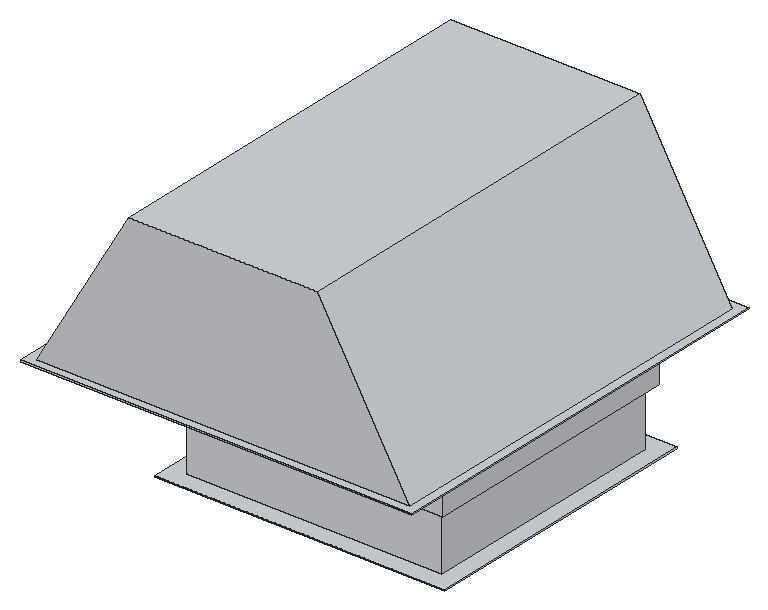
Revit family "HLC-D", category Mechanical Equipment, Revit 2019
Family settings
  Round Connector Dimension = Use Diameter
  Part Type = Normal
  Work Plane-Based = No
  Always vertical = Yes
  Cut with Voids When Loaded = No
  Shared = No
  Room Calculation Point = No
Parameters (values of type "180_HLC-D")
  Unit Weight [instance] = ""
  T_SQ/2 = T_SQ / 2  # 1' - 3"
  T_SQ = 2' - 6"
  Sones [instance] = ""
  R_O/2 = R_O / 2  # 1' - 0 3/4"
  Motor RPM [instance] = ""
  Motor Enclosure [instance] = ""
  ModelID [instance] = ""
  LwA [instance] = ""
  R_O = T_SQ - 0' 4 1/2"  # 2' - 1 1/2"
  G = 0' - 3"
  Fan RPM [instance] = ""
  D/2 = D / 2  # 1' - 11 9/16"
  D-2 = -D + 0' 1"  # -3' - 10 1/8"
  D = 3' - 11 1/8"
  CURB_HEIGHT [instance] = 0' - 9 1/2"
  CURB [instance] = yes
  C/2 = C / 2  # 1' - 9 15/16"
  C-2 = C - 0' 2"  # 3' - 5 7/8"
  C = 3' - 7 7/8"
  Brake Hp [instance] = ""
  BASE_OD = T_SQ + 0' 0 1/4"  # 2' - 6 1/4"
  BASE/2 = BASE_OD / 2  # 1' - 3 1/8"
  B/2 = B / 2  # 0' - 4 1/8"
  B-C = B - C  # -2' - 11 5/8"
  B = 0' - 8 1/4"
  Accessories [instance] = ""
  A/2 = A / 2  # 1' - 1 1/8"
  A = 2' - 2 1/4"
  4" = 0' - 4"  # constant formula
  2' = 2' - 0"
  2" = 0' - 2"  # constant formula
  120 = 120.00°
  1" = 0' - 1"  # constant formula
  0 = 0' - 0"  # constant formula
  Voltage [instance] = 0 V
  URL = "www.lorencook.com"
  Type Comments = "Hooded Low-Contour Downblast Centrifugal Exhaust Ventilator Roof Mounted/Belt Drive"  # constant formula
  Static Pressure [instance] = 0.00 in-wg
  Power [instance] = Voltage * Motor FLA * sqrt(if(Phase = 3, 3, 1))  # 0 VA
  Phase [instance] = 0
  Number of Poles [instance] = 1
  Motor Hp [instance] = "0"
  Motor FLA [instance] = 0 A
  Model = "HLC-B"  # constant formula
  Manufacturer = "Loren Cook Company"
  CFM [instance] = 0 CFM
  1.5 = 0' - 1 1/2"  # constant formula
  ONE EIGTH = 0' - 0 1/8"  # constant formula
  -(C/2) = -(C / 2)  # -1' - 9 15/16"
  -(A/2) = -(A / 2)  # -1' - 1 1/8"
Types (9): name | T_SQ/2 | T_SQ | R_O/2 | R_O | G | D/2 | D-2 | D | C/2 | C-2 | C | BASE_OD | BASE/2 | B/2 | B-C | B | A/2 | A | -(C/2) | -(A/2)
  (no name) | 1' - 3" | 2' - 6" | 1' - 0 3/4" | 2' - 1 1/2" | 0' - 3" | 1' - 11 9/16" | -3' - 10 1/8" | 3' - 11 1/8" | 1' - 9 15/16" | 3' - 5 7/8" | 3' - 7 7/8" | 2' - 6 1/4" | 1' - 3 1/8" | 0' - 4 1/8" | -2' - 11 5/8" | 0' - 8 1/4" | 1' - 1 1/8" | 2' - 2 1/4" | -1' - 9 15/16" | -1' - 1 1/8"
  100_HLC-D | 0' - 9" | 1' - 6" | 0' - 6 3/4" | 1' - 1 1/2" | 0' - 2" | 1' - 5 1/16" | -2' - 9 1/8" | 2' - 10 1/8" | 1' - 3 5/8" | 2' - 5 1/4" | 2' - 7 1/4" | 1' - 6 1/4" | 0' - 9 1/8" | 0' - 2 3/8" | -2' - 2 1/2" | 0' - 4 3/4" | 0' - 8 1/2" | 1' - 5" | -1' - 3 5/8" | -0' - 8 1/2"
  120_HLC-D | 0' - 10" | 1' - 8" | 0' - 7 3/4" | 1' - 3 1/2" | 0' - 2" | 1' - 5 9/16" | -2' - 10 1/8" | 2' - 11 1/8" | 1' - 5 3/8" | 2' - 8 3/4" | 2' - 10 3/4" | 1' - 8 1/4" | 0' - 10 1/8" | 0' - 2 15/16" | -2' - 4 7/8" | 0' - 5 7/8" | 0' - 9 13/16" | 1' - 7 5/8" | -1' - 5 3/8" | -0' - 9 13/16"
  135_HLC-D | 0' - 10" | 1' - 8" | 0' - 7 3/4" | 1' - 3 1/2" | 0' - 2" | 1' - 5 9/16" | -2' - 10 1/8" | 2' - 11 1/8" | 1' - 5 3/8" | 2' - 8 3/4" | 2' - 10 3/4" | 1' - 8 1/4" | 0' - 10 1/8" | 0' - 3 1/16" | -2' - 4 5/8" | 0' - 6 1/8" | 0' - 9 15/16" | 1' - 7 7/8" | -1' - 5 3/8" | -0' - 9 15/16"
  150_HLC-D | 1' - 0" | 2' - 0" | 0' - 9 3/4" | 1' - 7 1/2" | 0' - 2" | 1' - 9 1/16" | -3' - 5 1/8" | 3' - 6 1/8" | 1' - 8 1/16" | 3' - 2 1/8" | 3' - 4 1/8" | 2' - 0 1/4" | 1' - 0 1/8" | 0' - 3 5/8" | -2' - 8 7/8" | 0' - 7 1/4" | 0' - 10 5/8" | 1' - 9 1/4" | -1' - 8 1/16" | -0' - 10 5/8"
  165_HLC-D | 1' - 0" | 2' - 0" | 0' - 9 3/4" | 1' - 7 1/2" | 0' - 2" | 1' - 9 1/16" | -3' - 5 1/8" | 3' - 6 1/8" | 1' - 8 1/16" | 3' - 2 1/8" | 3' - 4 1/8" | 2' - 0 1/4" | 1' - 0 1/8" | 0' - 3 11/16" | -2' - 8 3/4" | 0' - 7 3/8" | 0' - 10 11/16" | 1' - 9 3/8" | -1' - 8 1/16" | -0' - 10 11/16"
  180_HLC-D | 1' - 3" | 2' - 6" | 1' - 0 3/4" | 2' - 1 1/2" | 0' - 3" | 1' - 11 9/16" | -3' - 10 1/8" | 3' - 11 1/8" | 1' - 9 15/16" | 3' - 5 7/8" | 3' - 7 7/8" | 2' - 6 1/4" | 1' - 3 1/8" | 0' - 4 1/8" | -2' - 11 5/8" | 0' - 8 1/4" | 1' - 1 1/8" | 2' - 2 1/4" | -1' - 9 15/16" | -1' - 1 1/8"
  70_HLC-D | 0' - 9" | 1' - 6" | 0' - 6 3/4" | 1' - 1 1/2" | 0' - 2" | 1' - 5 1/16" | -2' - 9 1/8" | 2' - 10 1/8" | 1' - 3 5/8" | 2' - 5 1/4" | 2' - 7 1/4" | 1' - 6 1/4" | 0' - 9 1/8" | 0' - 2 1/8" | -2' - 3" | 0' - 4 1/4" | 0' - 8 1/4" | 1' - 4 1/2" | -1' - 3 5/8" | -0' - 8 1/4"
  90_HLC-D | 0' - 9" | 1' - 6" | 0' - 6 3/4" | 1' - 1 1/2" | 0' - 2" | 1' - 5 1/16" | -2' - 9 1/8" | 2' - 10 1/8" | 1' - 3 5/8" | 2' - 5 1/4" | 2' - 7 1/4" | 1' - 6 1/4" | 0' - 9 1/8" | 0' - 2 3/8" | -2' - 2 1/2" | 0' - 4 3/4" | 0' - 8 1/2" | 1' - 5" | -1' - 3 5/8" | -0' - 8 1/2"
Reference planes (in)
  plane 1 "Center (Front/Back)": y = 0
  plane 2: z = 0
  plane 3 "Center (Left/Right)": x = 0.40541
Forms (in)
  Extrusion 1, solid
    sketch origin (0, 0, 0) x (1, 0, 0) y (0, 1, 0)
      loop
        line (-14.71959, 15.125) -> (-14.71959, -15.125) -> (15.53041, -15.125) -> (15.53041, 15.125) -> (-14.71959, 15.125)
    from 0 to 8.25 <- "B"
  Extrusion 2, void
    sketch origin (0, 0, 0) x (1, 0, 0) y (0, 1, 0)
      loop
        line (-14.59459, 15) -> (-14.59459, -15) -> (15.40541, -15) -> (15.40541, 15) -> (-14.59459, 15)
    from 0 to 3 <- "G"
  Extrusion 3, solid
    sketch origin (0, 0, 8.25) x (1, 0, 0) y (0, 1, 0)
      loop
        line (-21.53209, 19.125) -> (-21.53209, -28) -> (22.34291, -28) -> (22.34291, 19.125) -> (-21.53209, 19.125)
    from 0 to 0.125
  Extrusion 4, solid
    sketch origin (-21.53209, 19.125, 8.25) x (1, 0, 0) y (0, 0, -1)
      loop
        line (42.875, -0.125) -> (1, -0.125) -> (11.32014, -18) -> (32.55486, -18) -> (42.875, -0.125)
    from -46.125 <- "D-2" to -1
  Extrusion 5, solid, visible <- "CURB"
    sketch origin (0, 0, 3) x (0, 1, 0) y (1, 0, 0)
      loop
        line (12.75, -12.34459) -> (12.75, 13.15541) -> (-12.75, 13.15541) -> (-12.75, -12.34459) -> (12.75, -12.34459)
      loop
        line (-14.25, 14.65541) -> (-14.25, -13.84459) -> (14.25, -13.84459) -> (14.25, 14.65541) -> (-14.25, 14.65541)
    from 0 to 9.5 <- "CURB_HEIGHT"
  Extrusion 6, solid, visible <- "CURB"
    sketch origin (0, 0, -6.5) x (-1, 0, 0) y (0, 1, 0)
      loop
        line (-16.65541, -16.25) -> (15.84459, -16.25) -> (15.84459, 16.25) -> (-16.65541, 16.25) -> (-16.65541, -16.25)
      loop
        line (13.84459, 14.25) -> (-14.65541, 14.25) -> (-14.65541, -14.25) -> (13.84459, -14.25) -> (13.84459, 14.25)
    from 0 to -0.125
Cuts and joins
  Extrusion 2 cuts Extrusion 1
Dimensions and locks (in)
  "BASE/2": Extrusion 1 sketch curve to plane 3 "Center (Left/Right)"
  "BASE/2": plane 3 "Center (Left/Right)" to Extrusion 1 sketch curve
  "BASE/2": plane 1 "Center (Front/Back)" to Extrusion 1 sketch curve
  "BASE/2": Extrusion 1 sketch curve to plane 1 "Center (Front/Back)"
  "T_SQ/2": Extrusion 2 sketch curve to plane 3 "Center (Left/Right)"
  "T_SQ/2": plane 3 "Center (Left/Right)" to Extrusion 2 sketch curve
  "T_SQ/2": plane 1 "Center (Front/Back)" to Extrusion 2 sketch curve
  "T_SQ/2": Extrusion 2 sketch curve to plane 1 "Center (Front/Back)"
  "D": Extrusion 3 sketch curve to Extrusion 3 sketch curve
  "C": Extrusion 3 sketch curve to Extrusion 3 sketch curve
  "C/2": Extrusion 3 sketch curve to plane 3 "Center (Left/Right)"
  "4"": Extrusion 3 sketch curve to cut or joined group of Extrusion 1, Extrusion 2
  "A": level to Extrusion 4 sketch curve
  "1"": Extrusion 3 to Extrusion 4 sketch curve  (x2)
  "1.5": Extrusion 5 sketch curve to Extrusion 5 sketch curve  (x4)
  "R_O/2": plane 3 "Center (Left/Right)" to Extrusion 5 sketch curve
  "R_O/2": Extrusion 5 sketch curve to plane 3 "Center (Left/Right)"
  "R_O/2": plane 1 "Center (Front/Back)" to Extrusion 5 sketch curve  (x2)
  "2"": Extrusion 6 sketch curve to Extrusion 6 sketch curve  (x4)
  "0": Extrusion 5 to Extrusion 6 sketch curve  (x3)
  "0": Extrusion 6 sketch curve to Extrusion 5
  "120": angle Extrusion 4 sketch curve to Extrusion 4 sketch curve  (x2)
Automatic sketch dimensions
  Extrusion 4 sketch curve to Extrusion 3 = 0' - 0"
Connectors (in)
  hvac at (0.40541, 0, 3), driven by "R_O", driven by "R_O", driven by "CFM"
    settings: on cut or joined group of Extrusion 1, Extrusion 2, index 1, duct flow 0 CFM, flow factor 0, pres drop 0.00 in-wg, loss coef 0, conn angle 0.00°, conn width 25 1/2", conn height 25 1/2", conn diameter 24", duct sys type 3, conn prof type 1, flow config 0, flow direction 1, loss method 0, conn ref index -1, conn util no, is conn primary yes, conn desc ""
  electrical at (0.40541, 0, 3)
    settings: on cut or joined group of Extrusion 1, Extrusion 2, index 3, voltage 0 V, apparent load 0 VA, apparent load phase1 0 VA, apparent load phase2 0 VA, apparent load phase3 0 VA, power factor 1, load classification "Other", number of poles 1, system type 30, power factor state 1, is connector primary yes, connector utility no, sub classification motor no, connector description ""
